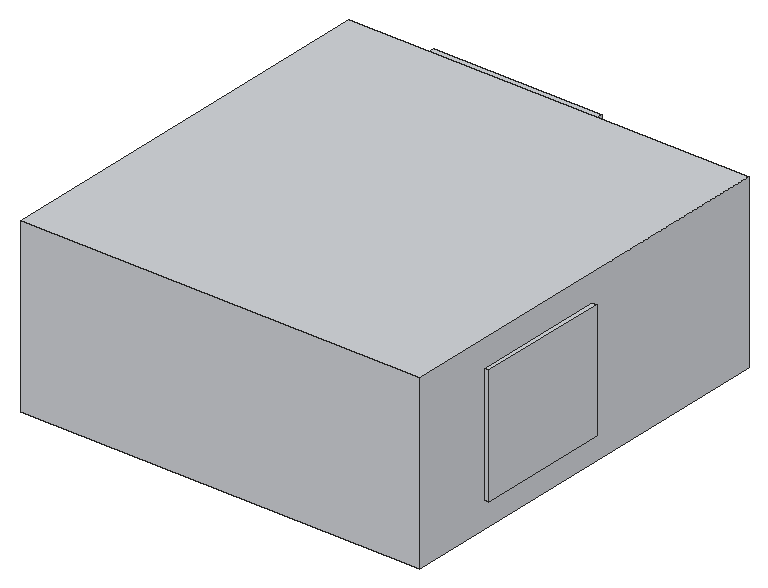
Revit family "M_Unidade VAV - Alimentado por ventilador paralelo", category Equipamento mecânico, Revit 2019
Family settings
  Cota do conector redondo = Usar raio
  Tipo de parte = Normal
  Número OmniClass = 23.75.70.21.24.14
  Título OmniClass = Variable Volume Air Terminal Units
  ID de item do Seek = VAV Unit - Parallel Fan Powered-0000-CAN-ENU
  Com base no plano de trabalho = Não
  Sempre na vertical = Sim
  Corte com vazios quando carregada = Não
  Compartilhado = Não
  Ponto de cálculo do ambiente = Não
Parameters (values of type "Tamanho 5 - Entrada de 250 mm")
  Largura2 = LarguradoConectordeFornecimento  # 400 mm
  Voltagem = 120 V
  Material do VAV = none
  LarguradaUnidade = 1190 mm
  AlturadaUnidade = 1225 mm
  ProfundidadedaUnidade = 510 mm
  LarguradoConectordeFornecimento = 400 mm
  DeslocamentoVerticaldoConectordeFornecimento = 80 mm
  ComprimentodoConectordeFornecimento = 15 mm
  DeslocamentoHorizontaldoConectordeFornecimento = 240 mm
  ProfundidadedoConectodeFornecimento = 350 mm
  IndicadordoConectordeArdeFornecimento = 2
  DeslocamentoCentraldoConectordeArdeFornecimento = DeslocamentoHorizontaldoConectordeFornecimento + (LarguradoConectordeFornecimento / 2)  # 440 mm
  TaxadePrimárioParaFornecimento [instance] = 0.2
  DeslizamentodoArPrimário = 180 mm
  FluxodeArPrimário [instance] = FluxodeArdeFornecimento * TaxadePrimárioParaFornecimento  # 132.2 L/s
  DeslocamentoVerticaldoConectordeArPrimário = ProfundidadedaUnidade / 2  # 255 mm
  RaiodoConectordeArPrimário = DiâmetrodoConectordeArPrimário / 2  # 125 mm
  ComprimentodoConectordeArPrimário = 85 mm
  IndicadordoConectordeArPrimário = 1
  DiâmetrodoConectordeArPrimário = 250 mm
  DeslocamentodoCentrodoConectordeArPrimário = DeslizamentodoArPrimário  # 180 mm
  Queda de pressão [instance] = 2.5 Pa
  Número de pólos = 1
  Classificação de carga = Refrigeração
  ComprimentodaEntradadoArInduzido = 625 mm
  ProfundidadedaEntradadoArInduzido = 445 mm
  IndicadordoConectordeArInduzido = 3
  DeslocamentoHorizontaldoConectordeArInduzido = 25 mm
  DeslocamentoCentraldoConectordeArInduzido = DeslocamentoHorizontaldoConectordeArInduzido + (ComprimentodaEntradadoArInduzido / 2)  # 337.5 mm
  Altura2 = ProfundidadedoConectodeFornecimento  # 350 mm
  LarguradaCaixadeConexãoElétrica = 500 mm
  DeslocamentodaCaixadeConexãoElétrica = 125 mm
  AlturadaCaixadeConexãoElétrica = 160 mm
  ProfundidadedaCaixadeConexãoElétrica = 300 mm
  Assembly Code = ""
  FluxodeArdeFornecimento [instance] = 661.0 L/s
  Carga aparente = 542 VA
Types (19, lengths in mm): name | Largura2 | LarguradaUnidade | AlturadaUnidade | ProfundidadedaUnidade | LarguradoConectordeFornecimento | DeslocamentoVerticaldoConectordeFornecimento | DeslocamentoHorizontaldoConectordeFornecimento | ProfundidadedoConectodeFornecimento | DeslocamentoCentraldoConectordeArdeFornecimento | DeslizamentodoArPrimário | FluxodeArPrimário | DeslocamentoVerticaldoConectordeArPrimário | RaiodoConectordeArPrimário | ComprimentodoConectordeArPrimário | DiâmetrodoConectordeArPrimário | DeslocamentodoCentrodoConectordeArPrimário | Queda de pressão | ComprimentodaEntradadoArInduzido | ProfundidadedaEntradadoArInduzido | DeslocamentoCentraldoConectordeArInduzido | Altura2 | DeslocamentodaCaixadeConexãoElétrica | FluxodeArdeFornecimento | Carga aparente
  Tamanho 2 - Entrada de 150 mm | 350 | 1040 | 920 | 435 | 350 | 54 | 90 | 280 | 265 | 150 | 47.2 L/s | 217.5 | 75 | 85 | 150 | 150 | 10.0 Pa | 400 | 350 | 225 | 280 | 73 | 236.0 L/s | 181 VA
  Tamanho 2 - Entrada de 200 mm | 350 | 1040 | 920 | 435 | 350 | 54 | 90 | 280 | 265 | 150 | 85.0 L/s | 217.5 | 100 | 85 | 200 | 150 | 5.0 Pa | 400 | 350 | 225 | 280 | 73 | 425.0 L/s | 271 VA
  Tamanho 2 - Entrada de 250 mm | 350 | 1040 | 920 | 435 | 350 | 54 | 90 | 280 | 265 | 180 | 132.2 L/s | 217.5 | 125 | 90 | 250 | 180 | 2.5 Pa | 400 | 350 | 225 | 280 | 125 | 661.0 L/s | 542 VA
  Tamanho 2 - Entrada de 300 mm | 350 | 1040 | 920 | 435 | 350 | 54 | 90 | 280 | 265 | 200 | 188.8 L/s | 217.5 | 150 | 85 | 300 | 200 | 2.5 Pa | 400 | 350 | 225 | 280 | 125 | 944.0 L/s | 542 VA
  Tamanho 3 - Entrada de 150 mm | 350 | 1040 | 920 | 435 | 350 | 54 | 90 | 280 | 265 | 150 | 47.2 L/s | 217.5 | 75 | 85 | 150 | 150 | 5.0 Pa | 400 | 350 | 225 | 280 | 73 | 236.0 L/s | 181 VA
  Tamanho 3 - Entrada de 200 mm | 350 | 1040 | 920 | 435 | 350 | 54 | 90 | 280 | 265 | 150 | 85.0 L/s | 217.5 | 100 | 85 | 200 | 150 | 2.5 Pa | 400 | 350 | 225 | 280 | 73 | 425.0 L/s | 271 VA
  Tamanho 3 - Entrada de 250 mm | 350 | 1040 | 920 | 435 | 350 | 54 | 90 | 280 | 265 | 180 | 132.2 L/s | 217.5 | 125 | 85 | 250 | 180 | 2.5 Pa | 400 | 350 | 225 | 280 | 125 | 661.0 L/s | 542 VA
  Tamanho 3 - Entrada de 300 mm | 350 | 1040 | 920 | 435 | 350 | 54 | 90 | 280 | 265 | 200 | 188.8 L/s | 217.5 | 150 | 85 | 300 | 200 | 2.5 Pa | 400 | 350 | 225 | 280 | 125 | 944.0 L/s | 542 VA
  Tamanho 4 - Entrada de 200 mm | 350 | 1040 | 920 | 435 | 350 | 54 | 90 | 280 | 265 | 150 | 85.0 L/s | 217.5 | 100 | 85 | 200 | 150 | 5.0 Pa | 460 | 350 | 255 | 280 | 73 | 425.0 L/s | 271 VA
  Tamanho 4 - Entrada de 250 mm | 350 | 1040 | 920 | 435 | 350 | 54 | 90 | 280 | 265 | 180 | 132.2 L/s | 217.5 | 125 | 85 | 250 | 180 | 2.5 Pa | 400 | 350 | 225 | 280 | 125 | 661.0 L/s | 542 VA
  Tamanho 4 - Entrada de 300 mm | 350 | 1040 | 920 | 435 | 350 | 54 | 90 | 280 | 265 | 200 | 188.8 L/s | 217.5 | 150 | 85 | 300 | 200 | 2.5 Pa | 400 | 350 | 225 | 280 | 125 | 944.0 L/s | 542 VA
  Tamanho 4 - Entrada de 350 mm | 350 | 1040 | 920 | 435 | 350 | 54 | 90 | 280 | 265 | 250 | 284.0 L/s | 217.5 | 175 | 85 | 350 | 250 | 2.5 Pa | 400 | 350 | 225 | 280 | 175 | 1420.0 L/s | 542 VA
  Tamanho 5 - Entrada de 250 mm | 400 | 1190 | 1225 | 510 | 400 | 80 | 240 | 350 | 440 | 180 | 132.2 L/s | 255 | 125 | 85 | 250 | 180 | 2.5 Pa | 625 | 445 | 337.5 | 350 | 125 | 661.0 L/s | 542 VA
  Tamanho 5 - Entrada de 300 mm | 400 | 1190 | 1225 | 510 | 400 | 80 | 240 | 350 | 440 | 200 | 188.8 L/s | 255 | 150 | 90 | 300 | 200 | 2.5 Pa | 625 | 445 | 337.5 | 350 | 125 | 944.0 L/s | 542 VA
  Tamanho 5 - Entrada de 350 mm | 400 | 1190 | 1225 | 510 | 400 | 80 | 240 | 350 | 440 | 250 | 284.0 L/s | 255 | 175 | 85 | 350 | 250 | 2.5 Pa | 625 | 445 | 337.5 | 350 | 175 | 1420.0 L/s | 542 VA
  Tamanho 5 - Entrada de 400 mm | 400 | 1190 | 1225 | 510 | 400 | 80 | 240 | 350 | 440 | 280 | 378.0 L/s | 255 | 200 | 85 | 400 | 280 | 2.5 Pa | 625 | 445 | 337.5 | 350 | 175 | 1890.0 L/s | 813 VA
  Tamanho 6 - Entrada de 300 mm | 400 | 1190 | 1225 | 510 | 400 | 80 | 240 | 350 | 440 | 200 | 188.8 L/s | 255 | 150 | 85 | 300 | 200 | 2.5 Pa | 625 | 445 | 337.5 | 350 | 125 | 944.0 L/s | 542 VA
  Tamanho 6 - Entrada de 350 mm | 400 | 1190 | 1225 | 510 | 400 | 80 | 240 | 350 | 440 | 250 | 284.0 L/s | 255 | 175 | 85 | 350 | 250 | 2.5 Pa | 625 | 445 | 337.5 | 350 | 175 | 1420.0 L/s | 542 VA
  Tamanho 6 - Entrada de 400 mm | 400 | 1190 | 1225 | 510 | 400 | 80 | 240 | 350 | 440 | 280 | 378.0 L/s | 255 | 200 | 85 | 400 | 280 | 2.5 Pa | 625 | 445 | 337.5 | 350 | 175 | 1890.0 L/s | 813 VA
Reference planes
  plane 1 "Centro (Frente/Trás)": y = 0
  plane 2: z = 0
  plane 3 "Centro (Esquerda/Direita)": x = 0
Forms (mm)
  Extrusion 1, solid, material <- "Material do VAV"
    sketch origin (0, 0, 0) x (1, 0, 0) y (0, 1, 0)
      loop
        line (-595, 612.5) -> (-595, -612.5) -> (595, -612.5) -> (595, 612.5) -> (-595, 612.5)
    from -255 to 255
  Extrusion 2, solid, material <- "Material do VAV"
    sketch origin (0, 0, 0) x (0, 1, 0) y (0, 0, 1)
      loop
        circle (432.5, 0) r 125
    from -680 to -595
  Extrusion 3, solid, material <- "Material do VAV"
    sketch origin (0, 0, 0) x (1, 0, 0) y (0, 0, 1)
      loop
        line (30, 150) -> (-470, 150) -> (-470, -150) -> (30, -150) -> (30, 150)
    from -772.5 to -612.5
  Extrusion 4, void
    sketch origin (0, 0, 0) x (0, 1, 0) y (0, 0, 1)
      loop
        line (37.5, 222.5) -> (-587.5, 222.5) -> (-587.5, -222.5) -> (37.5, -222.5) -> (37.5, 222.5)
    from -595 to 0
  Extrusion 5, solid, material <- "Material do VAV"
    sketch origin (0, 0, 0) x (0, 1, 0) y (0, 0, 1)
      loop
        line (-372.5, 175) -> (-372.5, -175) -> (27.5, -175) -> (27.5, 175) -> (-372.5, 175)
    from 519.113 to 610
Cuts and joins
  Extrusion 4 cuts Extrusion 1
  Extrusion 4 cuts Extrusion 2
  Extrusion 4 cuts Extrusion 3
Dimensions and locks
  "LarguradaUnidade": Extrusion 1 sketch curve to Extrusion 1 sketch curve
  "AlturadaUnidade": Extrusion 1 sketch curve to Extrusion 1 sketch curve
  equal spacing: Extrusion 1, level, Extrusion 1
  "ProfundidadedaUnidade": Extrusion 1 to Extrusion 1
  equal spacing: Extrusion 1 sketch curve, plane 3 "Centro (Esquerda/Direita)", Extrusion 1 sketch curve
  equal spacing: Extrusion 1 sketch curve, plane 1 "Centro (Frente/Trás)", Extrusion 1 sketch curve
  "DeslizamentodoArPrimário": Extrusion 1 to Extrusion 2 sketch curve
  "ComprimentodoConectordeArPrimário": Extrusion 2 to Extrusion 1
  equal spacing: Extrusion 3 sketch curve, level, Extrusion 3 sketch curve
  "ProfundidadedaCaixadeConexãoElétrica": Extrusion 3 sketch curve to Extrusion 3 sketch curve
  "LarguradaCaixadeConexãoElétrica": Extrusion 3 sketch curve to Extrusion 3 sketch curve
  "AlturadaCaixadeConexãoElétrica": Extrusion 3 to Extrusion 1
  "DeslocamentodaCaixadeConexãoElétrica": Extrusion 1 to Extrusion 3
  "ProfundidadedaEntradadoArInduzido": Extrusion 4 sketch curve to Extrusion 4 sketch curve
  "ComprimentodaEntradadoArInduzido": Extrusion 4 sketch curve to Extrusion 4 sketch curve
  "DeslocamentoHorizontaldoConectordeArInduzido": Extrusion 4 sketch curve to cut or joined group of Extrusion 1, Extrusion 4
  "ProfundidadedoConectodeFornecimento": Extrusion 5 sketch curve to Extrusion 5 sketch curve
  "DeslocamentoHorizontaldoConectordeFornecimento": cut or joined group of Extrusion 1, Extrusion 4 to Extrusion 5 sketch curve
  "LarguradoConectordeFornecimento": Extrusion 5 sketch curve to Extrusion 5 sketch curve
  "ComprimentodoConectordeFornecimento": cut or joined group of Extrusion 1, Extrusion 4 to Extrusion 5
  equal spacing: Extrusion 5 sketch curve, level, Extrusion 5 sketch curve
  equal spacing: cut or joined group of Extrusion 1, Extrusion 4, level, cut or joined group of Extrusion 1, Extrusion 4
  "DeslocamentoVerticaldoConectordeArPrimário": cut or joined group of Extrusion 1, Extrusion 4 to Extrusion 2 sketch curve
  "RaiodoConectordeArPrimário": radius of Extrusion 2 sketch curve
  aligned and locked: Extrusion 2 to Extrusion 1
  aligned and locked: Extrusion 3 to Extrusion 1
  aligned and locked: Extrusion 1 to Extrusion 4
  aligned and locked: plane 3 "Centro (Esquerda/Direita)" to Extrusion 4
Automatic sketch dimensions
  plane 3 "Centro (Esquerda/Direita)" to Extrusion 3 sketch curve = 30 mm
  Extrusion 4 sketch curve to level = 222.5 mm
Connectors
  hvac at (0, -275, 0), driven by "ProfundidadedaEntradadoArInduzido", driven by "ComprimentodaEntradadoArInduzido"
    settings: on cut or joined group of Extrusion 1, Extrusion 4, index 2, duct flow 0.0 L/s, flow factor 0, pres drop 0.0 Pa, loss coef 0, conn angle 0.00°, conn width 625 mm, conn height 445 mm, conn diameter 609.6 mm, duct sys type 2, conn prof type 1, flow config 0, flow direction 1, loss method 0, conn ref index -1, conn util no, is conn primary no, conn desc ""
  hvac at (-680, 432.5, 0), driven by "RaiodoConectordeArPrimário", driven by "FluxodeArPrimário", driven by "Queda de pressão"
    settings: on cut or joined group of Extrusion 2, Extrusion 4, index 0, duct flow 132.2 L/s, flow factor 0, pres drop 2.5 Pa, loss coef 0, conn angle 0.00°, conn width 304.8 mm, conn height 304.8 mm, conn diameter 250 mm, duct sys type 1, conn prof type 0, flow config 1, flow direction 1, loss method 4, conn ref index -1, conn util no, is conn primary yes, conn desc ""
  hvac at (610, -172.5, 0), driven by "ProfundidadedoConectodeFornecimento", driven by "LarguradoConectordeFornecimento", driven by "FluxodeArdeFornecimento"
    settings: on Extrusion 5, index 1, duct flow 661.0 L/s, flow factor 0, pres drop 0.0 Pa, loss coef 0, conn angle 0.00°, conn width 400 mm, conn height 350 mm, conn diameter 609.6 mm, duct sys type 1, conn prof type 1, flow config 0, flow direction 2, loss method 0, conn ref index -1, conn util no, is conn primary no, conn desc ""
  electrical at (-220, 772.5, 0), driven by "Carga aparente", driven by "Voltagem", driven by "Número de pólos", driven by "Classificação de carga"
    settings: on cut or joined group of Extrusion 3, Extrusion 4, index 3, voltage 120 V, apparent load 542 VA, apparent load phase1 0 VA, apparent load phase2 0 VA, apparent load phase3 0 VA, power factor 1, load classification "Refrigeração", number of poles 1, system type 30, power factor state 1, is connector primary yes, connector utility no, sub classification motor no, connector description ""
